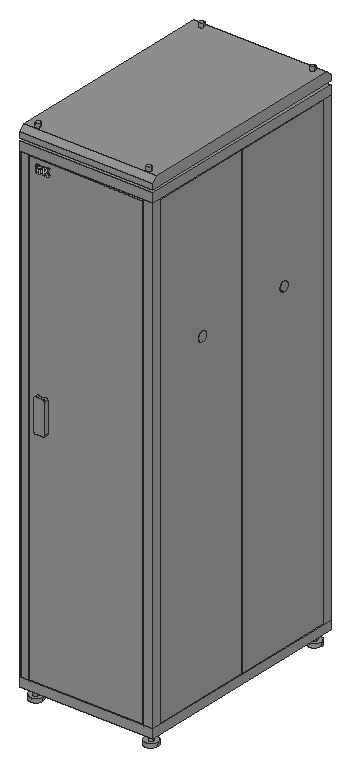
Revit family "ITK Шкаф сетевой 19 LINEA N 18U (600х1000 мм ) металл и металл", category Электрооборудование, Revit 2016
Family settings
  Тип детали = Другая панель
  Размер круглого соединителя = Использовать диаметр
  Номер OmniClass = 23.80.30.11.17
  Заголовок OmniClass = Distribution Boards and Control Panels
  На основе рабочей плоскости = Нет
  Всегда вертикально = Да
  При загрузке вырезать с полостями = Нет
  Общий = Нет
  Точка расчета площади = Нет
Parameters
  Ширина УГО = Ширина / 100  # 6 mm
  Ширина = 600 mm
  Степень защиты = "IP20"
  Смещение УГО по X [instance] = 1000 mm
  Основание = 50 mm
  Описание = "Напольные 19-дюймовые шкафы серии LINEA N применяются для размещения различного телекоммуникационного 19-дюймового активного и пассивного оборудования и небольших серверов, а также специализированного оборудования стандарта 19 дюймов, и отлично подходят для размещения как в офисных помещениях, так и в специализированных серверных комнатах.\r\n\r\nШирокий диапазон типоразмеров и модификаций сетевых шкафов, а также наличие большого количества комплектующих и аксессуаров к ним позволяет заказчику подобрать необходимую спецификацию в соответствии со стоящими перед ним задачами, а соответствие международным стандартам, таким как ISO9001, IEC 297, ISO/IEC 1180, обеспечивает совместимость с компонентами СКС и оборудованием других производителей.\r\n\r\nШкафы LINEA N обладают современным привлекательным дизайном и технологичной, но в то же время простой и удобной конструкцией, которая дает возможность эффективно справляться с задачами быстрого монтажа, администрирования и оперативного изменения конфигурации 19-дюймового оборудования, задачей защиты этого оборудования и поддержания для него оптимального температурного режима. Доступ внутрь шкафа возможен со всех сторон, для ввода кабеля предусмотрены вводы в верхней и нижней части. Сборка шкафа осуществляется одним специалистом и занимает не более 20 минут.\r\nРегулируемые по глубине 19-дюймовые направляющие.\r\nСовременный привлекательный дизайн.\r\nМонтажные профили имеют разметку в юнитах (U).\r\nХорошая естественная вентиляция, возможность установки дополнительных вентиляторных модулей.\r\nБоковые стенки оснащены замком и защелками.\r\nВозможность замены регулируемых ножек на ролики с тормозом.\r\nСтатическая нагрузка до 1000 кг (ножки).\r\nСборка одним человеком за 20 минут.\r\nНаличие большого количества совместимых аксессуаров и комплектующих производства ITK.\r\nВозможно исполнение в двух цветах: сером (RAL7035) и черном (RAL9005).\r\nРасширенная гарантия до 10 лет."  # constant formula
  Материал = Окраска - RAL 7035
  Крышка вентиляционная = 60 mm
  Type Comments = " "
  Assembly Code = ""
  Изготовитель = "ITK"  # constant formula
  Засечка УГО = 1.2 mm  # constant formula
  Model = ""
  Глубина УГО = Глубина / 100  # 10 mm
  Глубина = 1000 mm
  Высота = 2312 mm
  Вид установки = "Напольный"
  URL = "http://www.itk-MMroup.ru/produktsiya/catalog/?page=section&id=450&pagen=1&pagec=100"
  ADSK_Ток = ADSK_Номинальная мощность / (ADSK_Коэффициент мощности * ADSK_Напряжение * sqrt(ADSK_Количество фаз числовое))  # 0 A
  ADSK_Примечание = ""
  ADSK_Полная мощность = ADSK_Номинальная мощность / ADSK_Коэффициент мощности  # 0 VA
  ADSK_Позиция [instance] = ""
  ADSK_Номинальная мощность = 0 W
  ADSK_Напряжение = 220 V
  ADSK_Наименование краткое = "LN35-47U61-MM"
  ADSK_Наименование = "ITK Шкаф сетевой 19\" LINEA N 47U 600х1000 мм, металлические- передняя и задняя двери, серый"
  ADSK_Масса = 0
  ADSK_Марка = "LN35-47U61-MM"
  ADSK_Коэффициент мощности = 1
  ADSK_Количество фаз числовое = 1
  ADSK_Количество фаз = 1
  ADSK_Код изделия = ""
  ADSK_Классификация нагрузок = Прочее
  ADSK_Завод-изготовитель = "IEK"
  ADSK_Единица измерения = "шт"
  ADSK_Группирование = "I. ЩИТЫ И ПУЛЬТЫ"
Reference planes
  plane 1 "По центру (Вперед/Назад)": y = 0
  plane 2: z = 0
  plane 3 "По центру (Влево/Вправо)": x = 0
  plane 4: x = -300
  plane 5: x = 300
  plane 6: y = 500
  plane 7: y = -500
  plane 8: z = 2312
  plane 9: z = 250
  plane 10: z = 2252
  plane 11: z = 50
  plane 12 "Смещение УГО по X": x = -1000
Forms (mm)
  Extrusion 1, solid, detail levels coarse+medium
    sketch origin (0, 0, 0) x (1, 0, 0) y (0, 1, 0)
      loop
        line (-300, 500) -> (-300, -500) -> (300, -500) -> (300, 500) -> (-300, 500)
    from 0 to 2312 <- "Высота"
Lines and regions (mm)
  reference lines
    curve 1: line (0, 241.146, 0) -> (0, -338.854, 0)
Dimensions and locks
  equal spacing: plane 7, plane 1 "По центру (Вперед/Назад)", plane 6
  "Глубина": plane 7 to plane 6
  equal spacing: plane 4, plane 3 "По центру (Влево/Вправо)", plane 5
  "Ширина": plane 4 to plane 5
  "Крышка вентиляционная": plane 8 to plane 10
  "Основание": plane 11 to plane 2
  "Высота": plane 8 to plane 2
  plane 12 "Смещение УГО по X" to plane 3 "По центру (Влево/Вправо)" = 1000 mm
  "Смещение УГО по X": plane 12 "Смещение УГО по X" to curve 1
  aligned and locked: level to plane 2
  aligned and locked: plane 1 "По центру (Вперед/Назад)" to nested 1
  aligned and locked: plane 3 "По центру (Влево/Вправо)" to nested 1
  aligned and locked: plane 1 "По центру (Вперед/Назад)" to nested 2
  aligned and locked: plane 3 "По центру (Влево/Вправо)" to nested 2
  aligned and locked: plane 3 "По центру (Влево/Вправо)" to nested 3
  aligned and locked: plane 1 "По центру (Вперед/Назад)" to nested 3
  aligned and locked: plane 1 "По центру (Вперед/Назад)" to nested 4
  aligned and locked: plane 3 "По центру (Влево/Вправо)" to nested 4
  aligned and locked: Extrusion 1 sketch curve to plane 4
  aligned and locked: Extrusion 1 sketch curve to plane 6
  aligned and locked: plane 7 to Extrusion 1 sketch curve
  aligned and locked: plane 5 to Extrusion 1 sketch curve
  aligned and locked: plane 3 "По центру (Влево/Вправо)" to nested 5
  aligned and locked: plane 1 "По центру (Вперед/Назад)" to nested 5
  aligned and locked: plane 1 "По центру (Вперед/Назад)" to nested 6
  aligned and locked: nested 6 to curve 1
  aligned and locked: plane 3 "По центру (Влево/Вправо)" to nested 7
  aligned and locked: plane 7 to nested 7
  aligned and locked: nested 8 to plane 3 "По центру (Влево/Вправо)"
  aligned and locked: plane 6 to nested 8
Automatic sketch dimensions
  curve 1 to plane 7 = 161.146 mm
  curve 1 to plane 1 "По центру (Вперед/Назад)" = 241.146 mm
Nested families
  nested 1: "Стойка_комплект 4шт" at (0, 0, 0), type "Стойка_комплект 4шт", detail levels fine
    with Основание 50 mm, Глубина 1000 mm, Высота 2312 mm
  nested 2: "Основание_2шт" at (0, 0, 0), type "Основание_2шт", detail levels fine
    with Крыша вентиляционная 60 mm, Глубина 1000 mm, Высота 2312 mm
  nested 3: "Крыша вентиляционная" at (0, 0, 0), type "Крыша вентиляционная", detail levels fine
    with Крыша вентиляционная 60 mm, Глубина 1000 mm, Высота 2312 mm
  nested 4: "Ножки" at (0, 0, 0), type "Ножки", detail levels fine
    with Крыша вентиляционная 60 mm, Глубина 1000 mm, Высота 2312 mm
  nested 5: "Панель боковая (1000мм)_2шт" at (0, 0, 0), type "Панель боковая (1000мм)_2шт", detail levels fine
  nested 6: "УГО (две двери)" at (0, 0, 0), type "УГО (две двери)", detail levels coarse+medium
  nested 7: "Комплект двери металлической" at (0, 0, 0), type "Комплект двери металлической", detail levels fine
    with Глубина 1000 mm
  nested 8: "Комплект двери металлической" at (0, 0, 0) x (-1, 0, 0) z (0, 0, 1), type "Комплект двери металлической", detail levels fine
    with Глубина 1000 mm
Connectors
  electrical at (0, 500, 1156), driven by "ADSK_Напряжение", driven by "ADSK_Количество фаз", driven by "ADSK_Коэффициент мощности", driven by "ADSK_Классификация нагрузок", driven by "ADSK_Полная мощность"
    settings: on Extrusion 1, index 1, voltage 220 V, apparent load 0 VA, apparent load phase1 0 VA, apparent load phase2 0 VA, apparent load phase3 0 VA, power factor 1, load classification "Прочее", number of poles 1, system type 31, power factor state 1, is connector primary yes, connector utility no, sub classification motor no, connector description ""
Definition of nested family "Стойка_комплект 4шт"
  Parameters
    Ширина = 600 mm
    Основание = 150 mm
    Материал = none
    Крыша вентиляционная = 60 mm
    Глубина = 600 mm
    Высота = 2200 mm
  Reference planes
    plane 1 "По центру (Вперед/Назад)": y = 0
    plane 2: z = 0
    plane 3 "По центру (Влево/Вправо)": x = 0
    plane 4: x = -300
    plane 5: x = 300
    plane 6: y = 300
    plane 7: y = -300
    plane 8: y = 260
    plane 9: y = -260
    plane 10: x = -260
    plane 11: x = 260
    plane 12: z = 2100
    plane 13: z = 190
    plane 14: z = 150
    plane 15: z = 2140
    plane 16: z = 2200
  Forms (mm)
    Extrusion 1, solid, material <- "Материал"
      sketch origin (0, 0, 0) x (1, 0, 0) y (0, 1, 0)
        loop
          line (-300, -260) -> (-300, -300) -> (-260, -300) -> (-260, -280) -> (-245, -280) -> (-245, -260) -> (-260, -260) -> (-260, -245) -> (-270, -245) -> (-270, -260) -> (-300, -260)
        loop
          line (300, -260) -> (270, -260) -> (270, -245) -> (260, -245) -> (260, -260) -> (245, -260) -> (245, -280) -> (260, -280) -> (260, -300) -> (300, -300) -> (300, -260)
        loop
          line (300, 260) -> (300, 300) -> (260, 300) -> (260, 270) -> (245, 270) -> (245, 260) -> (260, 260) -> (260, 245) -> (270, 245) -> (270, 260) -> (300, 260)
        loop
          line (-300, 260) -> (-270, 260) -> (-270, 245) -> (-260, 245) -> (-260, 260) -> (-245, 260) -> (-245, 270) -> (-260, 270) -> (-260, 300) -> (-300, 300) -> (-300, 260)
        loop
          line (297, 297) -> (263, 297) -> (263, 267) -> (248, 267) -> (248, 263) -> (263, 263) -> (263, 248) -> (267, 248) -> (267, 263) -> (297, 263) -> (297, 297)
        loop
          line (-263, 297) -> (-297, 297) -> (-297, 263) -> (-267, 263) -> (-267, 248) -> (-263, 248) -> (-263, 263) -> (-248, 263) -> (-248, 267) -> (-263, 267) -> (-263, 297)
        loop
          line (-297, -263) -> (-297, -297) -> (-263, -297) -> (-263, -277) -> (-248, -277) -> (-248, -263) -> (-263, -263) -> (-263, -248) -> (-267, -248) -> (-267, -263) -> (-297, -263)
        loop
          line (263, -297) -> (297, -297) -> (297, -263) -> (267, -263) -> (267, -248) -> (263, -248) -> (263, -263) -> (248, -263) -> (248, -277) -> (263, -277) -> (263, -297)
      from 190 to 2100
  Dimensions and locks
    equal spacing: plane 7, plane 1 "По центру (Вперед/Назад)", plane 6
    equal spacing: plane 4, plane 3 "По центру (Влево/Вправо)", plane 5
    "Ширина": plane 4 to plane 5
    "Глубина": plane 7 to plane 6
    locked: plane 7 to plane 9 at 40
    locked: plane 6 to plane 8 at 40
    locked: plane 11 to plane 5 at 40
    locked: plane 4 to plane 10 at 40
    locked: plane 15 to plane 12 at 40
    "Крыша вентиляционная": plane 16 to plane 15
    locked: plane 13 to plane 14 at 40
    "Основание": plane 14 to plane 2
    "Высота": plane 16 to plane 2
    aligned and locked: level to plane 2
    aligned and locked: plane 9 to Extrusion 1 sketch curve
    aligned and locked: plane 4 to Extrusion 1 sketch curve
    aligned and locked: Extrusion 1 sketch curve to plane 7
    aligned and locked: plane 5 to Extrusion 1 sketch curve
    aligned and locked: plane 8 to Extrusion 1 sketch curve  (x2)
    aligned and locked: Extrusion 1 sketch curve to plane 11  (x2)
    aligned and locked: Extrusion 1 sketch curve to plane 6
    aligned and locked: plane 10 to Extrusion 1 sketch curve  (x2)
    aligned and locked: Extrusion 1 sketch curve to plane 8  (x2)
    aligned and locked: plane 6 to Extrusion 1 sketch curve
    aligned and locked: Extrusion 1 sketch curve to plane 4
    aligned and locked: plane 7 to Extrusion 1 sketch curve
    aligned and locked: Extrusion 1 sketch curve to plane 5
    aligned and locked: Extrusion 1 sketch curve to plane 9
    aligned and locked: plane 11 to Extrusion 1 sketch curve
    aligned and locked: plane 12 to Extrusion 1
    aligned and locked: Extrusion 1 to plane 13
  Automatic sketch dimensions
    Extrusion 1 sketch curve to plane 10 = 0 mm  (x2)
    plane 9 to Extrusion 1 sketch curve = 0 mm  (x2)
    Extrusion 1 sketch curve to plane 11 = 0 mm
    plane 4 to Extrusion 1 sketch curve = 3 mm  (x2)
    Extrusion 1 sketch curve to plane 10 = 10 mm  (x2)
    Extrusion 1 sketch curve to Extrusion 1 sketch curve = 3 mm  (x16)
    Extrusion 1 sketch curve to plane 10 = 3 mm  (x4)
    plane 10 to Extrusion 1 sketch curve = 12 mm  (x2)
    Extrusion 1 sketch curve to Extrusion 1 sketch curve = 15 mm  (x2)
    Extrusion 1 sketch curve to plane 11 = 3 mm  (x4)
    Extrusion 1 sketch curve to Extrusion 1 sketch curve = 4 mm  (x4)
    plane 5 to Extrusion 1 sketch curve = 3 mm  (x2)
    Extrusion 1 sketch curve to plane 7 = 3 mm  (x2)
    Extrusion 1 sketch curve to plane 7 = 20 mm  (x2)
    plane 9 to Extrusion 1 sketch curve = 3 mm  (x4)
    Extrusion 1 sketch curve to plane 9 = 12 mm  (x2)
    Extrusion 1 sketch curve to plane 8 = 15 mm  (x2)
    plane 8 to Extrusion 1 sketch curve = 3 mm  (x4)
    Extrusion 1 sketch curve to plane 6 = 3 mm  (x2)
Definition of nested family "Основание_2шт"
  Parameters
    Ширина = 600 mm
    Основание = 50 mm
    Материал = none
    Крыша вентиляционная = 100 mm
    Глубина = 600 mm
    Высота = 1800 mm
  Reference planes
    plane 1 "По центру (Вперед/Назад)": y = 0
    plane 2: z = 0
    plane 3 "По центру (Влево/Вправо)": x = 0
    plane 4: x = -300
    plane 5: x = 300
    plane 6: y = 300
    plane 7: y = -300
    plane 8: y = 260
    plane 9: y = -260
    plane 10: x = -260
    plane 11: x = 260
    plane 12: z = 1800
    plane 13: z = 90
    plane 14: z = 50
    plane 15: z = 1700
    plane 16: z = 1660
    plane 17: z = 1655
    plane 18: z = 95
  Forms (mm)
    Extrusion 1, solid, material <- "Материал"
      sketch origin (0, 0, 0) x (1, 0, 0) y (0, 0, 1)
        loop
          line (-300, 1700) -> (-300, 1660) -> (300, 1660) -> (300, 1700) -> (-300, 1700)
        loop
          line (-300, 90) -> (-300, 50) -> (300, 50) -> (300, 90) -> (-300, 90)
      from -300 to 300
    Extrusion 2, solid, material <- "Материал"
      sketch origin (-1511.359, -1524, 1660) x (-1, 0, 0) y (0, -1, 0)
        loop
          line (-1771.359, -1769) -> (-1771.359, -1784) -> (-1756.359, -1784) -> (-1756.359, -1814) -> (-1266.359, -1814) -> (-1266.359, -1784) -> (-1251.359, -1784) -> (-1251.359, -1769) -> (-1221.359, -1769) -> (-1221.359, -1279) -> (-1251.359, -1279) -> (-1251.359, -1264) -> (-1266.359, -1264) -> (-1266.359, -1244) -> (-1756.359, -1244) -> (-1756.359, -1264) -> (-1771.359, -1264) -> (-1771.359, -1279) -> (-1801.359, -1279) -> (-1801.359, -1769) -> (-1771.359, -1769)
      from -5 to 0
    Extrusion 3, solid, material <- "Материал"
      sketch origin (-1511.359, -1524, 384.733) x (0, 1, 0) y (1, 0, 0)
        loop
          line (1769, 1771.359) -> (1769, 1801.359) -> (1279, 1801.359) -> (1279, 1771.359) -> (1264, 1771.359) -> (1264, 1756.359) -> (1244, 1756.359) -> (1244, 1266.359) -> (1264, 1266.359) -> (1264, 1251.359) -> (1279, 1251.359) -> (1279, 1221.359) -> (1769, 1221.359) -> (1769, 1251.359) -> (1784, 1251.359) -> (1784, 1266.359) -> (1814, 1266.359) -> (1814, 1756.359) -> (1784, 1756.359) -> (1784, 1771.359) -> (1769, 1771.359)
      from 289.733 to 294.733
  Dimensions and locks
    equal spacing: plane 7, plane 1 "По центру (Вперед/Назад)", plane 6
    equal spacing: plane 4, plane 3 "По центру (Влево/Вправо)", plane 5
    "Ширина": plane 4 to plane 5
    "Глубина": plane 7 to plane 6
    locked: plane 7 to plane 9 at 40
    locked: plane 6 to plane 8 at 40
    locked: plane 11 to plane 5 at 40
    locked: plane 4 to plane 10 at 40
    "Основание": plane 14 to plane 2
    locked: plane 13 to plane 14 at 40
    locked: plane 15 to plane 16 at 40
    "Крыша вентиляционная": plane 12 to plane 15
    locked: plane 16 to plane 17 at 5
    locked: plane 18 to plane 13 at 5
    "Высота": plane 12 to plane 2
    aligned and locked: level to plane 2
    aligned and locked: Extrusion 1 sketch curve to plane 15
    aligned and locked: plane 4 to Extrusion 1 sketch curve  (x2)
    aligned and locked: plane 16 to Extrusion 1 sketch curve
    aligned and locked: plane 5 to Extrusion 1 sketch curve  (x2)
    aligned and locked: Extrusion 1 sketch curve to plane 13
    aligned and locked: plane 14 to Extrusion 1 sketch curve
    aligned and locked: plane 6 to Extrusion 1
    aligned and locked: plane 7 to Extrusion 1
    aligned and locked: plane 9 to Extrusion 2 sketch curve
    aligned and locked: Extrusion 2 sketch curve to plane 9
    aligned and locked: Extrusion 2 sketch curve to plane 10
    aligned and locked: plane 11 to Extrusion 2 sketch curve
    aligned and locked: Extrusion 2 sketch curve to plane 11
    aligned and locked: plane 8 to Extrusion 2 sketch curve
    aligned and locked: Extrusion 2 sketch curve to plane 8
    aligned and locked: plane 10 to Extrusion 2 sketch curve
    aligned and locked: plane 16 to Extrusion 2
    aligned and locked: Extrusion 2 to plane 17
    aligned and locked: Extrusion 3 to plane 13
    aligned and locked: plane 18 to Extrusion 3
    aligned and locked: Extrusion 2 sketch curve to Extrusion 3
  Automatic sketch dimensions
    plane 5 to Extrusion 2 sketch curve = 10 mm
    Extrusion 2 sketch curve to Extrusion 2 sketch curve = 15 mm  (x2)
    plane 10 to Extrusion 2 sketch curve = 15 mm  (x2)
    plane 4 to Extrusion 2 sketch curve = 10 mm
    Extrusion 2 sketch curve to plane 6 = 10 mm
    Extrusion 2 sketch curve to plane 8 = 15 mm  (x2)
    Extrusion 2 sketch curve to plane 9 = 15 mm  (x2)
    plane 9 to Extrusion 3 sketch curve = 0 mm  (x2)
    Extrusion 3 sketch curve to plane 11 = 0 mm  (x2)
    Extrusion 3 sketch curve to plane 10 = 0 mm  (x2)
    Extrusion 3 sketch curve to plane 8 = 0 mm  (x2)
    Extrusion 3 sketch curve to plane 7 = 20 mm
    Extrusion 3 sketch curve to plane 9 = 15 mm  (x2)
    Extrusion 3 sketch curve to Extrusion 3 sketch curve = 15 mm  (x3)
    Extrusion 3 sketch curve to plane 8 = 15 mm
    Extrusion 3 sketch curve to plane 6 = 10 mm
    plane 5 to Extrusion 3 sketch curve = 10 mm
    plane 10 to Extrusion 3 sketch curve = 15 mm  (x2)
    plane 4 to Extrusion 3 sketch curve = 10 mm
Definition of nested family "Крыша вентиляционная"
  Parameters
    Ширина = 600 mm
    Основание = 50 mm
    Материал = none
    Крыша вентиляционная = 65 mm
    Глубина = 600 mm
    Высота = 1805 mm
  Reference planes
    plane 1 "По центру (Вперед/Назад)": y = 0
    plane 2: z = 0
    plane 3 "По центру (Влево/Вправо)": x = 0
    plane 4: x = -300
    plane 5: x = 300
    plane 6: y = 300
    plane 7: y = -300
    plane 8: y = 260
    plane 9: y = -260
    plane 10: x = -260
    plane 11: x = 260
    plane 12: z = 1805
    plane 13: z = 50
    plane 14: z = 1740
    plane 15: z = 1820
    plane 16: z = 1755
  Forms (mm)
    Extrusion 1, solid, material <- "Материал"
      sketch origin (-1511.359, -1524, 1710) x (-1, 0, 0) y (0, -1, 0)
        loop
          circle (-1761.359, -1784) r 10
        loop
          circle (-1761.359, -1264) r 10
        loop
          circle (-1261.359, -1784) r 10
        loop
          circle (-1261.359, -1264) r 10
      from 30 to 110
    Extrusion 2, solid, material <- "Материал"
      sketch origin (0, 0, 0) x (0, 1, 0) y (0, 0, 1)
        loop
          line (-275, 1805) -> (-300, 1780) -> (-300, 1755) -> (300, 1755) -> (300, 1780) -> (275, 1805) -> (-275, 1805)
      from -300 to 300
  Cuts and joins
    joined: Extrusion 1, Extrusion 2
  Dimensions and locks
    equal spacing: plane 7, plane 1 "По центру (Вперед/Назад)", plane 6
    equal spacing: plane 4, plane 3 "По центру (Влево/Вправо)", plane 5
    "Ширина": plane 4 to plane 5
    "Глубина": plane 7 to plane 6
    locked: plane 7 to plane 9 at 40
    locked: plane 6 to plane 8 at 40
    locked: plane 11 to plane 5 at 40
    locked: plane 4 to plane 10 at 40
    "Основание": plane 13 to plane 2
    "Крыша вентиляционная": plane 12 to plane 14
    locked: plane 15 to plane 12 at 15
    locked: plane 16 to plane 14 at 15
    equal spacing: plane 12, Extrusion 2 sketch curve, plane 16  (x2)
    "Высота": plane 12 to plane 2
    locked: plane 12 to Extrusion 2 sketch curve (angle 45.00°)
    locked: Extrusion 2 sketch curve to plane 12 (angle 45.00°)
    aligned and locked: level to plane 2
    aligned and locked: Extrusion 1 to plane 14
    aligned and locked: plane 15 to Extrusion 1
    aligned and locked: Extrusion 2 sketch curve to plane 12
    aligned and locked: Extrusion 2 sketch curve to plane 7
    aligned and locked: plane 16 to Extrusion 2 sketch curve
    aligned and locked: Extrusion 2 sketch curve to plane 6
    aligned and locked: Extrusion 2 to plane 4
    aligned and locked: Extrusion 2 to plane 5
  Automatic sketch dimensions
    plane 9 to Extrusion 1 sketch curve = 0 mm  (x2)
    Extrusion 1 sketch curve to plane 8 = 0 mm  (x2)
    plane 11 to Extrusion 1 sketch curve = 10 mm  (x2)
    plane 10 to Extrusion 1 sketch curve = 10 mm  (x2)
    radius of Extrusion 1 sketch curve = 10 mm  (x4)
Definition of nested family "Ножки"
  Parameters
    Ширина = 600 mm
    Основание = 50 mm
    Материал = none
    Крыша вентиляционная = 100 mm
    Глубина = 600 mm
    Высота = 1800 mm
  Reference planes
    plane 1 "По центру (Вперед/Назад)": y = 0
    plane 2: z = 0
    plane 3 "По центру (Влево/Вправо)": x = 0
    plane 4: x = -300
    plane 5: x = 300
    plane 6: y = 300
    plane 7: y = -300
    plane 8: y = 260
    plane 9: y = -260
    plane 10: x = -260
    plane 11: x = 260
    plane 12: z = 1850
    plane 13: z = 50
    plane 14: z = 15
  Forms (mm)
    Extrusion 1, solid, material <- "Материал"
      sketch origin (-1511.359, -1524, 1710) x (-1, 0, 0) y (0, -1, 0)
        loop
          circle (-1251.359, -1784) r 30
        loop
          circle (-1771.359, -1784) r 30
        loop
          circle (-1251.359, -1264) r 30
        loop
          circle (-1771.359, -1264) r 30
      from -1710 to -1695
    Extrusion 2, solid, material <- "Материал"
      sketch origin (-1511.359, -1524, 1710) x (-1, 0, 0) y (0, -1, 0)
        loop
          circle (-1251.359, -1784) r 10
        loop
          circle (-1771.359, -1784) r 10
        loop
          circle (-1251.359, -1264) r 10
        loop
          circle (-1771.359, -1264) r 10
      from -1695 to -1660
  Dimensions and locks
    equal spacing: plane 7, plane 1 "По центру (Вперед/Назад)", plane 6
    equal spacing: plane 4, plane 3 "По центру (Влево/Вправо)", plane 5
    "Ширина": plane 4 to plane 5
    "Глубина": plane 7 to plane 6
    locked: plane 7 to plane 9 at 40
    locked: plane 6 to plane 8 at 40
    locked: plane 11 to plane 5 at 40
    locked: plane 4 to plane 10 at 40
    "Основание": plane 13 to plane 2
    "Высота": plane 12 to plane 13
    locked: plane 14 to plane 2 at 15
    aligned and locked: level to plane 2
    aligned and locked: plane 10 to Extrusion 1 sketch curve  (x2)
    aligned and locked: plane 9 to Extrusion 1 sketch curve  (x2)
    aligned and locked: plane 11 to Extrusion 1 sketch curve  (x2)
    aligned and locked: plane 8 to Extrusion 1 sketch curve  (x2)
    aligned and locked: plane 10 to Extrusion 2 sketch curve  (x2)
    aligned and locked: plane 8 to Extrusion 2 sketch curve  (x2)
    aligned and locked: plane 11 to Extrusion 2 sketch curve  (x2)
    aligned and locked: plane 9 to Extrusion 2 sketch curve  (x2)
    aligned and locked: Extrusion 1 to level
    aligned and locked: plane 14 to Extrusion 1
    aligned and locked: Extrusion 2 to plane 14
    aligned and locked: plane 13 to Extrusion 2
  Automatic sketch dimensions
    radius of Extrusion 1 sketch curve = 30 mm  (x4)
    radius of Extrusion 2 sketch curve = 10 mm  (x4)
Definition of nested family "Панель боковая (1000мм)_2шт"
  Parameters (values of type "Панель боковая (1000мм)_2шт")
    Ширина = 600 mm
    Основание = 50 mm
    Материал = none
    Крышка вентиляционная = 60 mm
    Глубина = 1000 mm
    Высота = 2312 mm
  Reference planes
    plane 1 "По центру (Вперед/Назад)": y = 0
    plane 2: z = 0
    plane 3 "По центру (Влево/Вправо)": x = 0
    plane 4: x = -300
    plane 5: x = 300
    plane 6: y = 500
    plane 7: y = -500
    plane 8: y = 460
    plane 9: y = -460
    plane 10: x = -260
    plane 11: x = 260
    plane 12: z = 90
    plane 13: z = 95
    plane 14: z = 50
    plane 15: z = 1558
    plane 16: z = 2212
    plane 17: z = 2312
    plane 18: z = 804
    plane 19: z = 2252
    plane 20: z = 2207
  Forms (mm)
    Extrusion 1, solid, material <- "Материал"
      sketch origin (0, 0, 0) x (1, 0, 0) y (0, 1, 0)
        loop
          line (-300, 455) -> (-300, 5) -> (-270, 5) -> (-270, 15) -> (-289.98, 15) -> (-289.98, 445) -> (-270, 445) -> (-270, 455) -> (-300, 455)
        loop
          line (-300, -455) -> (-270, -455) -> (-270, -445) -> (-289.98, -445) -> (-289.98, -15) -> (-270, -15) -> (-270, -5) -> (-300, -5) -> (-300, -455)
        loop
          line (300, -455) -> (300, -5) -> (270, -5) -> (270, -15) -> (289.98, -15) -> (289.98, -445) -> (270, -445) -> (270, -455) -> (300, -455)
        loop
          line (300, 455) -> (270, 455) -> (270, 445) -> (289.98, 445) -> (289.98, 15) -> (270, 15) -> (270, 5) -> (300, 5) -> (300, 455)
      from 95 to 2207
  Dimensions and locks
    equal spacing: plane 7, plane 1 "По центру (Вперед/Назад)", plane 6
    equal spacing: plane 4, plane 3 "По центру (Влево/Вправо)", plane 5
    "Ширина": plane 4 to plane 5
    "Глубина": plane 7 to plane 6
    locked: plane 7 to plane 9 at 40
    locked: plane 6 to plane 8 at 40
    locked: plane 11 to plane 5 at 40
    locked: plane 4 to plane 10 at 40
    locked: plane 13 to plane 12 at 5
    locked: plane 12 to plane 14 at 40
    "Основание": plane 14 to plane 2
    "Высота": plane 17 to plane 2
    equal spacing: plane 17, plane 15, plane 18, plane 14
    "Крышка вентиляционная": plane 17 to plane 19
    locked: plane 19 to plane 16 at 40
    locked: plane 16 to plane 20 at 5
    aligned and locked: level to plane 2
    aligned and locked: Extrusion 1 to plane 13
    aligned and locked: nested 1 to plane 15
    aligned and locked: Extrusion 1 sketch curve to plane 4
    aligned and locked: nested 3 to plane 15
    aligned and locked: plane 15 to nested 4
    aligned and locked: plane 15 to nested 2
    aligned and locked: plane 20 to Extrusion 1
  Automatic sketch dimensions
    Extrusion 1 sketch curve to plane 4 = 0 mm
    Extrusion 1 sketch curve to plane 5 = 0 mm  (x2)
    plane 4 to Extrusion 1 sketch curve = 10.02 mm  (x2)
    Extrusion 1 sketch curve to plane 10 = 10 mm  (x4)
    Extrusion 1 sketch curve to plane 9 = 5 mm  (x2)
    Extrusion 1 sketch curve to plane 1 "По центру (Вперед/Назад)" = 5 mm  (x2)
    plane 1 "По центру (Вперед/Назад)" to Extrusion 1 sketch curve = 5 mm  (x2)
    Extrusion 1 sketch curve to plane 11 = 10 mm  (x4)
    plane 5 to Extrusion 1 sketch curve = 10.02 mm  (x2)
    Extrusion 1 sketch curve to Extrusion 1 sketch curve = 10 mm  (x6)
    Extrusion 1 sketch curve to plane 8 = 15 mm  (x2)
    Extrusion 1 sketch curve to plane 8 = 5 mm  (x2)
  Nested families
    nested 1: "Замок" at (300, 230, 1558) x (0, 1, 0) z (1, 0, 0), type "Замок"
    nested 2: "Замок" at (-300, 230, 1558) x (0, 1, 0) z (-1, 0, 0), type "Замок"
    nested 3: "Замок" at (-300, -230, 1558) x (0, -1, 0) z (-1, 0, 0), type "Замок"
    nested 4: "Замок" at (300, -230, 1558) x (0, -1, 0) z (1, 0, 0), type "Замок"
  Definition of nested family "Замок"
    Parameters
      Default Elevation = 1219.2 mm
      Материал = none
    Reference planes
      plane 1 "По центру (Вперед/Назад)": y = 0
      plane 2: z = 0
      plane 3 "По центру (Влево/Вправо)": x = 0
    Forms (mm)
      Extrusion 1, solid
        sketch origin (0, 0, 0) x (1, 0, 0) y (0, 1, 0)
          loop
            line (-1219.2, 1219.2) -> (-1219.2, -1219.2) -> (1219.2, -1219.2) -> (1219.2, 1219.2) -> (-1219.2, 1219.2)
        from 0 to -304.8
      Extrusion 2, solid, material <- "Материал"
        sketch origin (0, 0, 0) x (1, 0, 0) y (0, 1, 0)
          loop
            circle (0, 0) r 20
          loop
            line (3, 8.219) -> (-3, 8.219) -> (-3, -8.219) -> (3, -8.219) -> (3, 8.219)
        from 0 to 7
    Dimensions and locks
      aligned and locked: plane 2 to Extrusion 1
      aligned and locked: level to Extrusion 1
Definition of nested family "Комплект двери металлической"
  Parameters (values of type "Комплект двери металлической")
    Ширина = 600 mm
    Основание = 50 mm
    Материал = none
    Крыша вентиляционная = 60 mm
    Глубина = 800 mm
    Высота = 2312 mm
  Reference planes
    plane 1 "По центру (Вперед/Назад)": y = 0
    plane 2: z = 0
    plane 3 "По центру (Влево/Вправо)": x = 0
    plane 4: x = -300
    plane 5: x = 300
    plane 6: y = 400
    plane 7: y = -400
    plane 8: y = 360
    plane 9: y = -360
    plane 10: x = -260
    plane 11: x = 260
    plane 12: z = 2212
    plane 13: z = 90
    plane 14: z = 2207
    plane 15: z = 95
    plane 16: z = 2252
    plane 17: z = 2312
    plane 18: z = 50
    plane 19: z = 1181
    plane 20: x = -200
    plane 21: x = -140
    plane 22: x = 140
    plane 23: z = 2157
    plane 24: x = -224.198
  Forms (mm)
    Extrusion 1, solid, material <- "Материал"
      sketch origin (0, 0, 0) x (1, 0, 0) y (0, 1, 0)
        loop
          line (-235, -380) -> (-235, -365) -> (-245, -365) -> (-245, -380) -> (-255, -380) -> (-255, -400) -> (255, -400) -> (255, -380) -> (245, -380) -> (245, -365) -> (235, -365) -> (235, -380) -> (-235, -380)
      from 95 to 2207
  Dimensions and locks
    equal spacing: plane 7, plane 1 "По центру (Вперед/Назад)", plane 6
    equal spacing: plane 4, plane 3 "По центру (Влево/Вправо)", plane 5
    "Ширина": plane 4 to plane 5
    "Глубина": plane 7 to plane 6
    locked: plane 7 to plane 9 at 40
    locked: plane 6 to plane 8 at 40
    locked: plane 11 to plane 5 at 40
    locked: plane 4 to plane 10 at 40
    locked: plane 12 to plane 14 at 5
    locked: plane 15 to plane 13 at 5
    locked: plane 16 to plane 12 at 40
    "Крыша вентиляционная": plane 17 to plane 16
    locked: plane 13 to plane 18 at 40
    "Основание": plane 18 to plane 2
    equal spacing: plane 17, plane 19, plane 18
    locked: plane 4 to plane 21 at 160
    locked: plane 22 to plane 5 at 160
    locked: plane 4 to plane 20 at 100
    locked: plane 14 to plane 23 at 50
    "Высота": plane 17 to plane 2
    aligned and locked: level to plane 2
    aligned and locked: plane 14 to Extrusion 1
    aligned and locked: nested 1 to plane 23
    aligned and locked: plane 20 to nested 2
    aligned and locked: nested 2 to plane 19
  Automatic sketch dimensions
    plane 7 to Extrusion 1 sketch curve = 0 mm
    plane 10 to Extrusion 1 sketch curve = 5 mm
    Extrusion 1 sketch curve to Extrusion 1 sketch curve = 10 mm  (x3)
    plane 9 to Extrusion 1 sketch curve = 5 mm  (x2)
    plane 11 to Extrusion 1 sketch curve = 25 mm
    plane 11 to Extrusion 1 sketch curve = 5 mm
    Extrusion 1 sketch curve to plane 7 = 20 mm
    Extrusion 1 sketch curve to Extrusion 1 sketch curve = 15 mm
    Extrusion 1 sketch curve to Extrusion 1 sketch curve = 0 mm
  Nested families
    nested 1: "Логотип" at (-200, -400, 2157) x (1, 0, 0) z (0, -1, 0), type "Логотип"
    nested 2: "Ручка" at (-200, -400, 1181) x (1, 0, 0) z (0, -1, 0), type "Ручка"
  Definition of nested family "Логотип"
    Parameters
      Default Elevation = 1219.2 mm
      Материал = none
    Reference planes
      plane 1 "По центру (Вперед/Назад)": y = 0
      plane 2: z = 0
      plane 3 "По центру (Влево/Вправо)": x = 0
    Forms (mm)
      Extrusion 1, solid
        sketch origin (0, 0, 0) x (1, 0, 0) y (0, 1, 0)
          loop
            line (-1219.2, 1219.2) -> (-1219.2, -1219.2) -> (1219.2, -1219.2) -> (1219.2, 1219.2) -> (-1219.2, 1219.2)
        from 0 to -304.8
      Extrusion 2, solid, material <- "Материал"
        sketch origin (0, 0, 0) x (1, 0, 0) y (0, 1, 0)
          loop
            line (-24.198, 18.809) -> (-24.198, 0) -> (-15.975, 0) -> (-15.975, 18.809) -> (-24.198, 18.809)
          loop
            line (0.039, 18.809) -> (-7.705, 18.809) -> (-7.705, 0) -> (0.039, 0) -> (0.039, 18.809)
          loop
            line (-24.198, 21.431) -> (-15.975, 21.431) -> (-15.975, 29.41) -> (-24.198, 29.41) -> (-24.198, 21.431)
          loop
            line (8.482, 29.41) -> (8.482, 0) -> (16.233, 0) -> (16.233, 11.027) -> (19.197, 11.027) -> (26.358, 0) -> (35.802, 0) -> (25.102, 14.728) -> (35.802, 29.41) -> (26.358, 29.41) -> (19.197, 18.383) -> (16.233, 18.383) -> (16.233, 29.41) -> (8.482, 29.41)
          loop
            line (-13.581, 29.41) -> (-13.581, 21.431) -> (5.915, 21.431) -> (5.915, 29.41) -> (-13.581, 29.41)
        from 0 to 7
    Dimensions and locks
      aligned and locked: plane 2 to Extrusion 1
      aligned and locked: level to Extrusion 1
  Definition of nested family "Ручка"
    Parameters
      Default Elevation = 1219.2 mm
      Материал = none
    Reference planes
      plane 1 "По центру (Вперед/Назад)": y = 0
      plane 2: z = 0
      plane 3 "По центру (Влево/Вправо)": x = 0
    Forms (mm)
      Extrusion 1, solid
        sketch origin (0, 0, 0) x (1, 0, 0) y (0, 1, 0)
          loop
            line (-1219.2, 1219.2) -> (-1219.2, -1219.2) -> (1219.2, -1219.2) -> (1219.2, 1219.2) -> (-1219.2, 1219.2)
        from 0 to -304.8
      Extrusion 2, solid, material <- "Материал"
        sketch origin (0, 0, 0) x (1, 0, 0) y (0, 1, 0)
          loop
            arc (-15, 75) -> (-22.071, 72.071) -> (-25, 65) r 10
            line (-25, 65) -> (-25, -65)
            arc (-25, -65) -> (-22.071, -72.071) -> (-15, -75) r 10
            line (-15, -75) -> (15, -75)
            arc (15, -75) -> (22.071, -72.071) -> (25, -65) r 10
            line (25, -65) -> (25, 65)
            arc (25, 65) -> (22.071, 72.071) -> (15, 75) r 10
            line (15, 75) -> (-15, 75)
        from 0 to 15
    Dimensions and locks
      aligned and locked: plane 2 to Extrusion 1
      aligned and locked: level to Extrusion 1
Definition of nested family "УГО (две двери)"
  Parameters (values of type "УГО (две двери)")
    Ширина УГО = 6 mm
    Засечка УГО = 1.2 mm
    Глубина УГО = 8 mm
  Reference planes
    plane 1: y = 0
    plane 2: x = 0
  Lines and regions (mm)
    detail lines
      curve 1: line (-3, 4, 0) -> (3, 4, 0)
      curve 2: line (-3, -4, 0) -> (-3, 4, 0)
      curve 3: line (3, -4, 0) -> (-3, -4, 0)
      curve 4: line (3, 4, 0) -> (3, -4, 0)
      curve 5: line (3, -4, 0) -> (3, -10, 0)
      curve 6: arc (-3, -4, 0) -> (-1.243, -8.243, 0) -> (3, -10, 0) r 6
      curve 7: line (3, -2.8, 0) -> (-3, -2.8, 0)
      curve 8: line (-3, 2.8, 0) -> (3, 2.8, 0)
      curve 9: line (3, 4, 0) -> (3, 10, 0)
      curve 10: arc (-3, 4, 0) -> (-1.243, 8.243, 0) -> (3, 10, 0) r 6
  Dimensions and locks
    equal spacing: curve 2, plane 2, curve 4
    "Ширина УГО": curve 2 to curve 4
    equal spacing: curve 1, plane 1, curve 3
    "Глубина УГО": curve 1 to curve 3
    "Ширина УГО": curve 3 to curve 5
    "Засечка УГО": curve 7 to curve 3
    "Засечка УГО": curve 8 to curve 1
    "Ширина УГО": curve 1 to curve 10
Types in the file's own list only (8): name | Ширина УГО | Ширина | Основание | Материал | Крышка вентиляционная | Засечка УГО | Глубина УГО | Глубина | Высота | ADSK_Ток | ADSK_Полная мощность | ADSK_Номинальная мощность | ADSK_Напряжение | ADSK_Наименование краткое | ADSK_Наименование | ADSK_Марка
  LN05-24U61-MM | 6 мм | 600 мм | 50 мм | Окраска - RAL 9005 | 60 мм | 1 мм | 10 мм | 1000 мм | 1290 мм | 0 А | 0 В·А | 0 Вт | 220 В | "LN05-24U61-MM" | "ITK Шкаф сетевой 19\" LINEA N 24U 600х1000 мм, металлические- передняя и задняя двери, черный" | "LN05-24U61-MM"
  LN05-33U61-MM | 6 мм | 600 мм | 50 мм | Окраска - RAL 9005 | 60 мм | 1 мм | 10 мм | 1000 мм | 1690 мм | 0 А | 0 В·А | 0 Вт | 220 В | "LN05-33U61-MM" | "ITK Шкаф сетевой 19\" LINEA N 33U 600х1000 мм, металлические- передняя и задняя двери, черный" | "LN05-33U61-MM"
  LN05-42U61-MM | 6 мм | 600 мм | 50 мм | Окраска - RAL 9005 | 60 мм | 1 мм | 10 мм | 1000 мм | 2090 мм | 0 А | 0 В·А | 0 Вт | 220 В | "LN05-42U61-MM" | "ITK Шкаф сетевой 19\" LINEA N 42U 600х1000 мм, металлические- передняя и задняя двери, черный" | "LN05-42U61-MM"
  LN05-47U61-MM | 6 мм | 600 мм | 50 мм | Окраска - RAL 9005 | 60 мм | 1 мм | 10 мм | 1000 мм | 2312 мм | 0 А | 0 В·А | 0 Вт | 220 В | "LN05-47U61-MM" | "ITK Шкаф сетевой 19\" LINEA N 47U 600х1000 мм, металлические- передняя и задняя двери, черный" | "LN05-47U61-MM"
  LN35-24U61-MM | 6 мм | 600 мм | 50 мм | Окраска - RAL 7035 | 60 мм | 1 мм | 10 мм | 1000 мм | 1290 мм | 0 А | 0 В·А | 0 Вт | 220 В | "LN35-24U61-MM" | "ITK Шкаф сетевой 19\" LINEA N 24U 600х1000 мм, металлические- передняя и задняя двери, серый" | "LN35-24U61-MM"
  LN35-33U61-MM | 6 мм | 600 мм | 50 мм | Окраска - RAL 7035 | 60 мм | 1 мм | 10 мм | 1000 мм | 1690 мм | 0 А | 0 В·А | 0 Вт | 220 В | "LN35-33U61-MM" | "ITK Шкаф сетевой 19\" LINEA N 33U 600х1000 мм, металлические- передняя и задняя двери, серый" | "LN35-33U61-MM"
  LN35-42U61-MM | 6 мм | 600 мм | 50 мм | Окраска - RAL 7035 | 60 мм | 1 мм | 10 мм | 1000 мм | 2090 мм | 0 А | 0 В·А | 0 Вт | 220 В | "LN35-42U61-MM" | "ITK Шкаф сетевой 19\" LINEA N 42U 600х1000 мм, металлические- передняя и задняя двери, серый" | "LN35-42U61-MM"
  LN35-47U61-MM | 6 мм | 600 мм | 50 мм | Окраска - RAL 7035 | 60 мм | 1 мм | 10 мм | 1000 мм | 2312 мм | 0 А | 0 В·А | 0 Вт | 220 В | "LN35-47U61-MM" | "ITK Шкаф сетевой 19\" LINEA N 47U 600х1000 мм, металлические- передняя и задняя двери, серый" | "LN35-47U61-MM"
